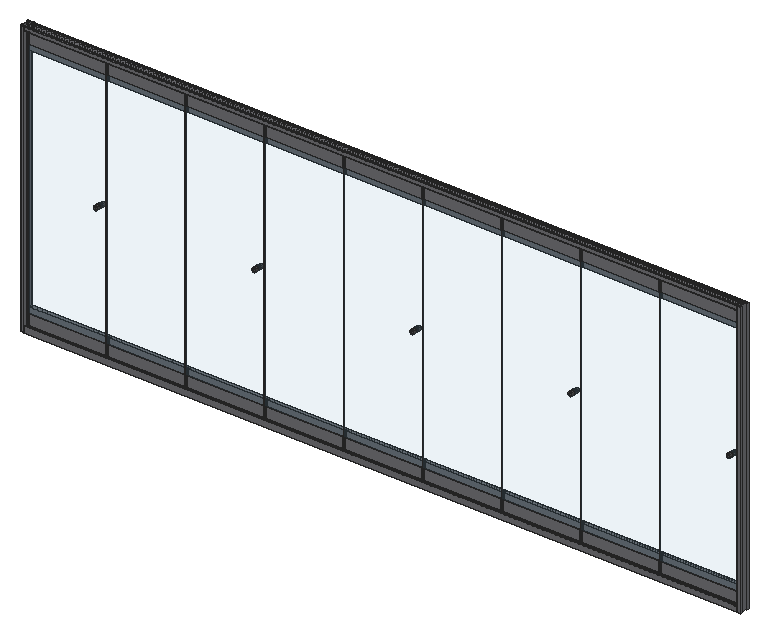
Revit family "QFL9 LH", category Doors, host Wall, Revit 2024
Family settings
  Host = Wall
  OmniClass Number = 23.30.10.00
  OmniClass Title = Doors
  Always vertical = Yes
  Cut with Voids When Loaded = No
  Shared = No
  Room Calculation Point = No
Parameters
  Function = Interior
  Frame Projection Ext. = 25 mm
  Frame Projection Int. = 25 mm
  Frame Width = 75 mm
  Height = 2098 mm
  Wall Closure = By host
  Width = 5511 mm
  Define Thermal Properties by = Schematic Type
  Analytic Construction = "<None>"
Reference planes
  plane 1: y = 0
  plane 2 "Center (Left/Right)": x = 0
  plane 3 "Left": x = -2755.5
  plane 4 "Right": x = 2755.5
  plane 5: z = 2098
  plane 6 "Exterior": y = 75
  plane 7 "Interior": y = -75
Forms (mm)
  Extrusion 1, solid, material "ALUMINIUM CHAR (TEST)"
    sketch origin (-0.37, 0, 0) x (1, 0, 0) y (0, 1, 0)
      loop
        line (2755.87, 37.5) -> (2725.87, 37.5) -> (2725.87, 34.4) -> (2726.87, 34.4) -> (2726.87, 35.9) -> (2728.37, 35.9) -> (2728.37, 28.3) -> (2726.87, 28.3) -> (2726.87, 29.8) -> (2725.87, 29.8) -> (2725.87, 1.2) -> (2726.87, 1.2) -> (2726.87, 2.7) -> (2728.37, 2.7) -> (2728.37, -4.9) -> (2726.87, -4.9) -> (2726.87, -3.4) -> (2725.87, -3.4) -> (2725.87, -13.1) -> (2721.87, -13.1) -> (2721.87, -11)
        arc (2721.87, -11) -> (2721.724, -10.646) -> (2721.37, -10.5) r 0.5
        line (2721.37, -10.5) -> (2718.62, -10.5) -> (2718.62, -11.5) -> (2720.22, -11.5) -> (2720.22, -13.1) -> (2712.52, -13.1) -> (2712.52, -11.5) -> (2714.12, -11.5) -> (2714.12, -10.5) -> (2711.37, -10.5)
        arc (2711.37, -10.5) -> (2711.017, -10.646) -> (2710.87, -11) r 0.5
        line (2710.87, -11) -> (2710.87, -14.4)
        arc (2710.87, -14.4) -> (2711.017, -14.754) -> (2711.37, -14.9) r 0.5
        line (2711.37, -14.9) -> (2725.87, -14.9) -> (2725.87, -37.5) -> (2755.87, -37.5) -> (2755.87, -22) -> (2754.37, -22) -> (2754.37, -24.5) -> (2751.37, -24.5) -> (2751.37, 24.5) -> (2754.37, 24.5) -> (2754.37, 22) -> (2755.87, 22) -> (2755.87, 37.5)
      loop
        line (2753.87, 26.3) -> (2753.87, 35.5) -> (2730.17, 35.5) -> (2730.17, 27.7)
        arc (2730.17, 27.7) -> (2729.877, 26.993) -> (2729.17, 26.7) r 1
        line (2729.17, 26.7) -> (2727.87, 26.7) -> (2727.87, 4.3) -> (2729.17, 4.3)
        arc (2729.17, 4.3) -> (2729.877, 4.007) -> (2730.17, 3.3) r 1
        line (2730.17, 3.3) -> (2730.17, -5.5)
        arc (2730.17, -5.5) -> (2729.877, -6.207) -> (2729.17, -6.5) r 1
        line (2729.17, -6.5) -> (2727.67, -6.5) -> (2727.67, -35.5) -> (2753.87, -35.5) -> (2753.87, -26.3) -> (2750.97, -26.3)
        arc (2750.97, -26.3) -> (2749.98, -25.89) -> (2749.57, -24.9) r 1.4
        line (2749.57, -24.9) -> (2749.57, 24.9)
        arc (2749.57, 24.9) -> (2749.98, 25.89) -> (2750.97, 26.3) r 1.4
        line (2750.97, 26.3) -> (2753.87, 26.3)
      loop
        line (-2755.13, 37.5) -> (-2755.13, 22) -> (-2753.63, 22) -> (-2753.63, 24.5) -> (-2750.63, 24.5) -> (-2750.63, -24.5) -> (-2753.63, -24.5) -> (-2753.63, -22) -> (-2755.13, -22) -> (-2755.13, -37.5) -> (-2725.13, -37.5) -> (-2725.13, -14.9) -> (-2710.63, -14.9)
        arc (-2710.63, -14.9) -> (-2710.276, -14.754) -> (-2710.13, -14.4) r 0.5
        line (-2710.13, -14.4) -> (-2710.13, -11)
        arc (-2710.13, -11) -> (-2710.276, -10.646) -> (-2710.63, -10.5) r 0.5
        line (-2710.63, -10.5) -> (-2713.38, -10.5) -> (-2713.38, -11.5) -> (-2711.78, -11.5) -> (-2711.78, -13.1) -> (-2719.48, -13.1) -> (-2719.48, -11.5) -> (-2717.88, -11.5) -> (-2717.88, -10.5) -> (-2720.63, -10.5)
        arc (-2720.63, -10.5) -> (-2720.983, -10.646) -> (-2721.13, -11) r 0.5
        line (-2721.13, -11) -> (-2721.13, -13.1) -> (-2725.13, -13.1) -> (-2725.13, -3.4) -> (-2726.13, -3.4) -> (-2726.13, -4.9) -> (-2727.63, -4.9) -> (-2727.63, 2.7) -> (-2726.13, 2.7) -> (-2726.13, 1.2) -> (-2725.13, 1.2) -> (-2725.13, 29.8) -> (-2726.13, 29.8) -> (-2726.13, 28.3) -> (-2727.63, 28.3) -> (-2727.63, 35.9) -> (-2726.13, 35.9) -> (-2726.13, 34.4) -> (-2725.13, 34.4) -> (-2725.13, 37.5) -> (-2755.13, 37.5)
      loop
        line (-2753.13, 26.3) -> (-2750.23, 26.3)
        arc (-2750.23, 26.3) -> (-2749.24, 25.89) -> (-2748.83, 24.9) r 1.4
        line (-2748.83, 24.9) -> (-2748.83, -24.9)
        arc (-2748.83, -24.9) -> (-2749.24, -25.89) -> (-2750.23, -26.3) r 1.4
        line (-2750.23, -26.3) -> (-2753.13, -26.3) -> (-2753.13, -35.5) -> (-2726.93, -35.5) -> (-2726.93, -6.5) -> (-2728.43, -6.5)
        arc (-2728.43, -6.5) -> (-2729.137, -6.207) -> (-2729.43, -5.5) r 1
        line (-2729.43, -5.5) -> (-2729.43, 3.3)
        arc (-2729.43, 3.3) -> (-2729.137, 4.007) -> (-2728.43, 4.3) r 1
        line (-2728.43, 4.3) -> (-2727.13, 4.3) -> (-2727.13, 26.7) -> (-2728.43, 26.7)
        arc (-2728.43, 26.7) -> (-2729.137, 26.993) -> (-2729.43, 27.7) r 1
        line (-2729.43, 27.7) -> (-2729.43, 35.5) -> (-2753.13, 35.5) -> (-2753.13, 26.3)
    from 0 to 2098
  Extrusion 2, solid, material "ALUMINIUM CHAR (TEST)"
    sketch origin (-942.37, 0, 0) x (0, -1, 0) y (0, 0, 1)
      loop
        line (-36.55, 18) -> (-36.55, 20.5) -> (-37.5, 20.5) -> (-37.5, 0) -> (-35.5, 0) -> (-35.5, 2) -> (-13.5, 2) -> (-13.5, 0) -> (-11.5, 0) -> (-11.5, 2) -> (10.5, 2) -> (10.5, 0) -> (12.5, 0) -> (12.5, 2) -> (35.5, 2) -> (35.5, 0) -> (37.5, 0) -> (37.5, 44.5)
        arc (37.5, 44.5) -> (37.354, 44.854) -> (37, 45) r 0.5
        line (37, 45) -> (32.199, 45) -> (31.492, 44.5) -> (26.524, 44.5) -> (25.817, 45) -> (22.199, 45) -> (21.492, 44.5) -> (16.524, 44.5) -> (15.817, 44.999) -> (11.001, 44.999)
        arc (11.001, 44.999) -> (10.648, 44.853) -> (10.502, 44.501) r 0.499
        line (10.502, 44.501) -> (10.502, 41.75) -> (11.5, 41.75) -> (11.5, 43.35) -> (13.1, 43.35) -> (13.1, 35.65) -> (11.5, 35.65) -> (11.5, 37.25) -> (10.5, 37.25) -> (10.5, 11.9)
        arc (10.5, 11.9) -> (10.061, 10.839) -> (9, 10.4) r 1.5
        line (9, 10.4) -> (3, 10.4)
        arc (3, 10.4) -> (1.939, 10.839) -> (1.5, 11.9) r 1.5
        line (1.5, 11.9) -> (1.5, 20)
        arc (1.5, 20) -> (0.851, 21.475) -> (-0.674, 21.992) r 2
        line (-0.674, 21.992) -> (-9.95, 20.504) -> (-9.95, 18) -> (-36.55, 18)
      loop
        line (10.5, 4.2) -> (10.5, 8.4) -> (3, 8.4)
        arc (3, 8.4) -> (0.525, 9.425) -> (-0.5, 11.9) r 3.5
        line (-0.5, 11.9) -> (-0.5, 20.057) -> (-7.95, 18.629) -> (-7.95, 16) -> (-35.5, 16) -> (-35.5, 4.2) -> (10.5, 4.2)
      loop
        line (12.5, 4.2) -> (35.5, 4.2) -> (35.5, 43) -> (15.1, 43) -> (15.1, 34) -> (12.5, 34) -> (12.5, 4.2)
      loop
        arc (-37.5, 2069) -> (-37.207, 2068.293) -> (-36.5, 2068) r 1
        line (-36.5, 2068) -> (-34.25, 2068) -> (-34.25, 2069) -> (-35.85, 2069) -> (-35.85, 2070.6) -> (-28.15, 2070.6) -> (-28.15, 2069) -> (-29.75, 2069) -> (-29.75, 2068) -> (-25.9, 2068)
        arc (-25.9, 2068) -> (-24.486, 2068.586) -> (-23.9, 2070) r 2
        line (-23.9, 2070) -> (-23.9, 2091.2)
        arc (-23.9, 2091.2) -> (-23.754, 2091.554) -> (-23.4, 2091.7) r 0.5
        line (-23.4, 2091.7) -> (-6.85, 2091.7) -> (-6.85, 2070)
        arc (-6.85, 2070) -> (-6.264, 2068.586) -> (-4.85, 2068) r 2
        line (-4.85, 2068) -> (13.1, 2068) -> (13.1, 2064) -> (11, 2064)
        arc (11, 2064) -> (10.646, 2063.854) -> (10.5, 2063.5) r 0.5
        line (10.5, 2063.5) -> (10.5, 2060.75) -> (11.5, 2060.75) -> (11.5, 2062.35) -> (13.1, 2062.35) -> (13.1, 2054.65) -> (11.5, 2054.65) -> (11.5, 2056.25) -> (10.5, 2056.25) -> (10.5, 2053.5)
        arc (10.5, 2053.5) -> (10.646, 2053.146) -> (11, 2053) r 0.5
        line (11, 2053) -> (14.4, 2053)
        arc (14.4, 2053) -> (14.754, 2053.146) -> (14.9, 2053.5) r 0.5
        line (14.9, 2053.5) -> (14.9, 2068) -> (36.5, 2068)
        arc (36.5, 2068) -> (37.207, 2068.293) -> (37.5, 2069) r 1
        line (37.5, 2069) -> (37.5, 2098) -> (22, 2098) -> (22, 2096.5) -> (24.5, 2096.5) -> (24.5, 2093.5) -> (-24.5, 2093.5) -> (-24.5, 2096.5) -> (-22, 2096.5) -> (-22, 2098) -> (-25.4, 2098)
        arc (-25.4, 2098) -> (-26.107, 2097.707) -> (-26.4, 2097) r 1
        line (-26.4, 2097) -> (-26.4, 2085.5)
        arc (-26.4, 2085.5) -> (-26.546, 2085.146) -> (-26.9, 2085) r 0.5
        line (-26.9, 2085) -> (-35, 2085)
        arc (-35, 2085) -> (-35.354, 2085.146) -> (-35.5, 2085.5) r 0.5
        line (-35.5, 2085.5) -> (-35.5, 2095.5)
        arc (-35.5, 2095.5) -> (-35.354, 2095.854) -> (-35, 2096) r 0.5
        line (-35, 2096) -> (-33.5, 2096) -> (-33.5, 2098) -> (-36.5, 2098)
        arc (-36.5, 2098) -> (-37.207, 2097.707) -> (-37.5, 2097) r 1
        line (-37.5, 2097) -> (-37.5, 2069)
      loop
        line (35.5, 2070) -> (35.5, 2096) -> (26.3, 2096) -> (26.3, 2093.1)
        arc (26.3, 2093.1) -> (25.89, 2092.11) -> (24.9, 2091.7) r 1.4
        line (24.9, 2091.7) -> (-4.85, 2091.7) -> (-4.85, 2070.5)
        arc (-4.85, 2070.5) -> (-4.704, 2070.146) -> (-4.35, 2070) r 0.5
        line (-4.35, 2070) -> (35.5, 2070)
      loop
        line (-26.4, 2072.2) -> (-26.4, 2082.5)
        arc (-26.4, 2082.5) -> (-26.546, 2082.854) -> (-26.9, 2083) r 0.5
        line (-26.9, 2083) -> (-35, 2083)
        arc (-35, 2083) -> (-35.354, 2082.854) -> (-35.5, 2082.5) r 0.5
        line (-35.5, 2082.5) -> (-35.5, 2072.2) -> (-26.4, 2072.2)
    from -3667.87 to 1783.13
  Extrusion 3, solid, material "ALUMINIUM CHAR (TEST)"
    sketch origin (2714, 0, 0) x (0, -1, 0) y (0, 0, 1)
      loop
        line (10.504, 2059) -> (8.704, 2059) -> (8.704, 2057) -> (5.604, 2057) -> (5.604, 2055.4) -> (8.754, 2055.4) -> (8.754, 2043.033) -> (8.2, 2041.985) -> (8.2, 2039) -> (-31.196, 2039) -> (-31.196, 2041.92) -> (-31.705, 2042.883) -> (-31.705, 2055.4) -> (-28.596, 2055.4) -> (-28.596, 2057) -> (-31.696, 2057) -> (-31.696, 2059) -> (-33.496, 2059) -> (-33.496, 1934) -> (-23.496, 1924) -> (2.504, 1924) -> (2.504, 1969) -> (10.504, 1969) -> (10.504, 2059)
      loop
        line (8.714, 1971) -> (8.714, 2037.2) -> (-31.705, 2037.2) -> (-31.705, 1935.038) -> (-22.467, 1925.8) -> (0.504, 1925.8) -> (0.504, 1971) -> (8.714, 1971)
      loop
        line (10.504, 31) -> (10.504, 121) -> (2.504, 121) -> (2.504, 166) -> (-23.496, 166) -> (-33.496, 156) -> (-33.496, 31) -> (-31.696, 31) -> (-31.696, 33) -> (-28.596, 33) -> (-28.596, 34.6) -> (-31.705, 34.6) -> (-31.705, 47.117) -> (-31.196, 48.08) -> (-31.196, 51) -> (8.2, 51) -> (8.2, 48.015) -> (8.754, 46.967) -> (8.754, 34.6) -> (5.604, 34.6) -> (5.604, 33) -> (8.704, 33) -> (8.704, 31) -> (10.504, 31)
      loop
        line (8.714, 119) -> (0.504, 119) -> (0.504, 164.2) -> (-22.467, 164.2) -> (-31.705, 154.962) -> (-31.705, 52.8) -> (8.714, 52.8) -> (8.714, 119)
    from -1 to 589
  Extrusion 4, solid, material "Glass"
    sketch origin (2080, 0, 0) x (0, -1, 0) y (0, 0, 1)
      loop
        line (2.504, 121) -> (10.504, 121) -> (10.504, 1969) -> (2.504, 1969) -> (2.504, 121)
    from -640 to -40
  Extrusion 5, solid, material "ALUMINIUM CHAR (TEST)"
    sketch origin (2715, 0, 0) x (0, -1, 0) y (0, 0, -1)
      loop
        line (-33.496, -156) -> (-23.496, -166) -> (2.504, -166) -> (2.504, -121) -> (10.504, -121) -> (10.504, -31) -> (5.604, -31) -> (5.604, -51) -> (-28.596, -51) -> (-28.596, -31) -> (-33.496, -31) -> (-33.496, -156)
      loop
        line (-33.496, -2059) -> (-28.596, -2059) -> (-28.596, -2039) -> (5.604, -2039) -> (5.604, -2059) -> (10.504, -2059) -> (10.504, -1969) -> (2.504, -1969) -> (2.504, -1924) -> (-23.496, -1924) -> (-33.496, -1934) -> (-33.496, -2059)
    from 0 to 5
  Extrusion 6, solid, material "ALUMINIUM CHAR (TEST)"
    sketch origin (2125, 0, 0) x (0, -1, 0) y (0, 0, 1)
      loop
        line (-33.496, 156) -> (-33.496, 31) -> (-28.596, 31) -> (-28.596, 51) -> (5.604, 51) -> (5.604, 31) -> (10.504, 31) -> (10.504, 121) -> (2.504, 121) -> (2.504, 166) -> (-23.496, 166) -> (-33.496, 156)
      loop
        line (-33.496, 2059) -> (-33.496, 1934) -> (-23.496, 1924) -> (2.504, 1924) -> (2.504, 1969) -> (10.504, 1969) -> (10.504, 2059) -> (5.604, 2059) -> (5.604, 2039) -> (-28.596, 2039) -> (-28.596, 2059) -> (-33.496, 2059)
    from 0 to 5
  Extrusion 7, solid, material "ALUMINIUM CHAR (TEST)"
    sketch origin (2109, 0, 0) x (0, -1, 0) y (0, 0, 1)
      loop
        line (10.504, 2059) -> (8.704, 2059) -> (8.704, 2057) -> (5.604, 2057) -> (5.604, 2055.4) -> (8.754, 2055.4) -> (8.754, 2043.033) -> (8.2, 2041.985) -> (8.2, 2039) -> (-31.196, 2039) -> (-31.196, 2041.92) -> (-31.705, 2042.883) -> (-31.705, 2055.4) -> (-28.596, 2055.4) -> (-28.596, 2057) -> (-31.696, 2057) -> (-31.696, 2059) -> (-33.496, 2059) -> (-33.496, 1934) -> (-23.496, 1924) -> (2.504, 1924) -> (2.504, 1969) -> (10.504, 1969) -> (10.504, 2059)
      loop
        line (8.714, 1971) -> (8.714, 2037.2) -> (-31.705, 2037.2) -> (-31.705, 1935.038) -> (-22.467, 1925.8) -> (0.504, 1925.8) -> (0.504, 1971) -> (8.714, 1971)
      loop
        line (10.504, 31) -> (10.504, 121) -> (2.504, 121) -> (2.504, 166) -> (-23.496, 166) -> (-33.496, 156) -> (-33.496, 31) -> (-31.696, 31) -> (-31.696, 33) -> (-28.596, 33) -> (-28.596, 34.6) -> (-31.705, 34.6) -> (-31.705, 47.117) -> (-31.196, 48.08) -> (-31.196, 51) -> (8.2, 51) -> (8.2, 48.015) -> (8.754, 46.967) -> (8.754, 34.6) -> (5.604, 34.6) -> (5.604, 33) -> (8.704, 33) -> (8.704, 31) -> (10.504, 31)
      loop
        line (8.714, 119) -> (0.504, 119) -> (0.504, 164.2) -> (-22.467, 164.2) -> (-31.705, 154.962) -> (-31.705, 52.8) -> (8.714, 52.8) -> (8.714, 119)
    from -1 to 589
  Extrusion 8, solid, material "Glass"
    sketch origin (1475, 0, 0) x (0, -1, 0) y (0, 0, 1)
      loop
        line (2.504, 121) -> (10.504, 121) -> (10.504, 1969) -> (2.504, 1969) -> (2.504, 121)
    from -640 to -40
  Extrusion 9, solid, material "ALUMINIUM CHAR (TEST)"
    sketch origin (2110, 0, 0) x (0, -1, 0) y (0, 0, -1)
      loop
        line (-33.496, -156) -> (-23.496, -166) -> (2.504, -166) -> (2.504, -121) -> (10.504, -121) -> (10.504, -31) -> (5.604, -31) -> (5.604, -51) -> (-28.596, -51) -> (-28.596, -31) -> (-33.496, -31) -> (-33.496, -156)
      loop
        line (-33.496, -2059) -> (-28.596, -2059) -> (-28.596, -2039) -> (5.604, -2039) -> (5.604, -2059) -> (10.504, -2059) -> (10.504, -1969) -> (2.504, -1969) -> (2.504, -1924) -> (-23.496, -1924) -> (-33.496, -1934) -> (-33.496, -2059)
    from 0 to 5
  Extrusion 10, solid, material "ALUMINIUM CHAR (TEST)"
    sketch origin (1520, 0, 0) x (0, -1, 0) y (0, 0, 1)
      loop
        line (-33.496, 156) -> (-33.496, 31) -> (-28.596, 31) -> (-28.596, 51) -> (5.604, 51) -> (5.604, 31) -> (10.504, 31) -> (10.504, 121) -> (2.504, 121) -> (2.504, 166) -> (-23.496, 166) -> (-33.496, 156)
      loop
        line (-33.496, 2059) -> (-33.496, 1934) -> (-23.496, 1924) -> (2.504, 1924) -> (2.504, 1969) -> (10.504, 1969) -> (10.504, 2059) -> (5.604, 2059) -> (5.604, 2039) -> (-28.596, 2039) -> (-28.596, 2059) -> (-33.496, 2059)
    from 0 to 5
  Extrusion 11, solid, material "ALUMINIUM CHAR (TEST)"
    sketch origin (1504, 0, 0) x (0, -1, 0) y (0, 0, 1)
      loop
        line (10.504, 2059) -> (8.704, 2059) -> (8.704, 2057) -> (5.604, 2057) -> (5.604, 2055.4) -> (8.754, 2055.4) -> (8.754, 2043.033) -> (8.2, 2041.985) -> (8.2, 2039) -> (-31.196, 2039) -> (-31.196, 2041.92) -> (-31.705, 2042.883) -> (-31.705, 2055.4) -> (-28.596, 2055.4) -> (-28.596, 2057) -> (-31.696, 2057) -> (-31.696, 2059) -> (-33.496, 2059) -> (-33.496, 1934) -> (-23.496, 1924) -> (2.504, 1924) -> (2.504, 1969) -> (10.504, 1969) -> (10.504, 2059)
      loop
        line (8.714, 1971) -> (8.714, 2037.2) -> (-31.705, 2037.2) -> (-31.705, 1935.038) -> (-22.467, 1925.8) -> (0.504, 1925.8) -> (0.504, 1971) -> (8.714, 1971)
      loop
        line (10.504, 31) -> (10.504, 121) -> (2.504, 121) -> (2.504, 166) -> (-23.496, 166) -> (-33.496, 156) -> (-33.496, 31) -> (-31.696, 31) -> (-31.696, 33) -> (-28.596, 33) -> (-28.596, 34.6) -> (-31.705, 34.6) -> (-31.705, 47.117) -> (-31.196, 48.08) -> (-31.196, 51) -> (8.2, 51) -> (8.2, 48.015) -> (8.754, 46.967) -> (8.754, 34.6) -> (5.604, 34.6) -> (5.604, 33) -> (8.704, 33) -> (8.704, 31) -> (10.504, 31)
      loop
        line (8.714, 119) -> (0.504, 119) -> (0.504, 164.2) -> (-22.467, 164.2) -> (-31.705, 154.962) -> (-31.705, 52.8) -> (8.714, 52.8) -> (8.714, 119)
    from -1 to 589
  Extrusion 12, solid, material "Glass"
    sketch origin (870, 0, 0) x (0, -1, 0) y (0, 0, 1)
      loop
        line (2.504, 121) -> (10.504, 121) -> (10.504, 1969) -> (2.504, 1969) -> (2.504, 121)
    from -640 to -40
  Extrusion 13, solid, material "ALUMINIUM CHAR (TEST)"
    sketch origin (1505, 0, 0) x (0, -1, 0) y (0, 0, -1)
      loop
        line (-33.496, -156) -> (-23.496, -166) -> (2.504, -166) -> (2.504, -121) -> (10.504, -121) -> (10.504, -31) -> (5.604, -31) -> (5.604, -51) -> (-28.596, -51) -> (-28.596, -31) -> (-33.496, -31) -> (-33.496, -156)
      loop
        line (-33.496, -2059) -> (-28.596, -2059) -> (-28.596, -2039) -> (5.604, -2039) -> (5.604, -2059) -> (10.504, -2059) -> (10.504, -1969) -> (2.504, -1969) -> (2.504, -1924) -> (-23.496, -1924) -> (-33.496, -1934) -> (-33.496, -2059)
    from 0 to 5
  Extrusion 14, solid, material "ALUMINIUM CHAR (TEST)"
    sketch origin (915, 0, 0) x (0, -1, 0) y (0, 0, 1)
      loop
        line (-33.496, 156) -> (-33.496, 31) -> (-28.596, 31) -> (-28.596, 51) -> (5.604, 51) -> (5.604, 31) -> (10.504, 31) -> (10.504, 121) -> (2.504, 121) -> (2.504, 166) -> (-23.496, 166) -> (-33.496, 156)
      loop
        line (-33.496, 2059) -> (-33.496, 1934) -> (-23.496, 1924) -> (2.504, 1924) -> (2.504, 1969) -> (10.504, 1969) -> (10.504, 2059) -> (5.604, 2059) -> (5.604, 2039) -> (-28.596, 2039) -> (-28.596, 2059) -> (-33.496, 2059)
    from 0 to 5
  Extrusion 15, solid, material "ALUMINIUM CHAR (TEST)"
    sketch origin (899, 0, 0) x (0, -1, 0) y (0, 0, 1)
      loop
        line (10.504, 2059) -> (8.704, 2059) -> (8.704, 2057) -> (5.604, 2057) -> (5.604, 2055.4) -> (8.754, 2055.4) -> (8.754, 2043.033) -> (8.2, 2041.985) -> (8.2, 2039) -> (-31.196, 2039) -> (-31.196, 2041.92) -> (-31.705, 2042.883) -> (-31.705, 2055.4) -> (-28.596, 2055.4) -> (-28.596, 2057) -> (-31.696, 2057) -> (-31.696, 2059) -> (-33.496, 2059) -> (-33.496, 1934) -> (-23.496, 1924) -> (2.504, 1924) -> (2.504, 1969) -> (10.504, 1969) -> (10.504, 2059)
      loop
        line (8.714, 1971) -> (8.714, 2037.2) -> (-31.705, 2037.2) -> (-31.705, 1935.038) -> (-22.467, 1925.8) -> (0.504, 1925.8) -> (0.504, 1971) -> (8.714, 1971)
      loop
        line (10.504, 31) -> (10.504, 121) -> (2.504, 121) -> (2.504, 166) -> (-23.496, 166) -> (-33.496, 156) -> (-33.496, 31) -> (-31.696, 31) -> (-31.696, 33) -> (-28.596, 33) -> (-28.596, 34.6) -> (-31.705, 34.6) -> (-31.705, 47.117) -> (-31.196, 48.08) -> (-31.196, 51) -> (8.2, 51) -> (8.2, 48.015) -> (8.754, 46.967) -> (8.754, 34.6) -> (5.604, 34.6) -> (5.604, 33) -> (8.704, 33) -> (8.704, 31) -> (10.504, 31)
      loop
        line (8.714, 119) -> (0.504, 119) -> (0.504, 164.2) -> (-22.467, 164.2) -> (-31.705, 154.962) -> (-31.705, 52.8) -> (8.714, 52.8) -> (8.714, 119)
    from -1 to 589
  Extrusion 16, solid, material "Glass"
    sketch origin (265, 0, 0) x (0, -1, 0) y (0, 0, 1)
      loop
        line (2.504, 121) -> (10.504, 121) -> (10.504, 1969) -> (2.504, 1969) -> (2.504, 121)
    from -640 to -40
  Extrusion 17, solid, material "ALUMINIUM CHAR (TEST)"
    sketch origin (900, 0, 0) x (0, -1, 0) y (0, 0, -1)
      loop
        line (-33.496, -156) -> (-23.496, -166) -> (2.504, -166) -> (2.504, -121) -> (10.504, -121) -> (10.504, -31) -> (5.604, -31) -> (5.604, -51) -> (-28.596, -51) -> (-28.596, -31) -> (-33.496, -31) -> (-33.496, -156)
      loop
        line (-33.496, -2059) -> (-28.596, -2059) -> (-28.596, -2039) -> (5.604, -2039) -> (5.604, -2059) -> (10.504, -2059) -> (10.504, -1969) -> (2.504, -1969) -> (2.504, -1924) -> (-23.496, -1924) -> (-33.496, -1934) -> (-33.496, -2059)
    from 0 to 5
  Extrusion 18, solid, material "ALUMINIUM CHAR (TEST)"
    sketch origin (310, 0, 0) x (0, -1, 0) y (0, 0, 1)
      loop
        line (-33.496, 156) -> (-33.496, 31) -> (-28.596, 31) -> (-28.596, 51) -> (5.604, 51) -> (5.604, 31) -> (10.504, 31) -> (10.504, 121) -> (2.504, 121) -> (2.504, 166) -> (-23.496, 166) -> (-33.496, 156)
      loop
        line (-33.496, 2059) -> (-33.496, 1934) -> (-23.496, 1924) -> (2.504, 1924) -> (2.504, 1969) -> (10.504, 1969) -> (10.504, 2059) -> (5.604, 2059) -> (5.604, 2039) -> (-28.596, 2039) -> (-28.596, 2059) -> (-33.496, 2059)
    from 0 to 5
  Extrusion 19, solid, material "ALUMINIUM CHAR (TEST)"
    sketch origin (294, 0, 0) x (0, -1, 0) y (0, 0, 1)
      loop
        line (10.504, 2059) -> (8.704, 2059) -> (8.704, 2057) -> (5.604, 2057) -> (5.604, 2055.4) -> (8.754, 2055.4) -> (8.754, 2043.033) -> (8.2, 2041.985) -> (8.2, 2039) -> (-31.196, 2039) -> (-31.196, 2041.92) -> (-31.705, 2042.883) -> (-31.705, 2055.4) -> (-28.596, 2055.4) -> (-28.596, 2057) -> (-31.696, 2057) -> (-31.696, 2059) -> (-33.496, 2059) -> (-33.496, 1934) -> (-23.496, 1924) -> (2.504, 1924) -> (2.504, 1969) -> (10.504, 1969) -> (10.504, 2059)
      loop
        line (8.714, 1971) -> (8.714, 2037.2) -> (-31.705, 2037.2) -> (-31.705, 1935.038) -> (-22.467, 1925.8) -> (0.504, 1925.8) -> (0.504, 1971) -> (8.714, 1971)
      loop
        line (10.504, 31) -> (10.504, 121) -> (2.504, 121) -> (2.504, 166) -> (-23.496, 166) -> (-33.496, 156) -> (-33.496, 31) -> (-31.696, 31) -> (-31.696, 33) -> (-28.596, 33) -> (-28.596, 34.6) -> (-31.705, 34.6) -> (-31.705, 47.117) -> (-31.196, 48.08) -> (-31.196, 51) -> (8.2, 51) -> (8.2, 48.015) -> (8.754, 46.967) -> (8.754, 34.6) -> (5.604, 34.6) -> (5.604, 33) -> (8.704, 33) -> (8.704, 31) -> (10.504, 31)
      loop
        line (8.714, 119) -> (0.504, 119) -> (0.504, 164.2) -> (-22.467, 164.2) -> (-31.705, 154.962) -> (-31.705, 52.8) -> (8.714, 52.8) -> (8.714, 119)
    from -1 to 589
  Extrusion 20, solid, material "Glass"
    sketch origin (-340, 0, 0) x (0, -1, 0) y (0, 0, 1)
      loop
        line (2.504, 121) -> (10.504, 121) -> (10.504, 1969) -> (2.504, 1969) -> (2.504, 121)
    from -640 to -40
  Extrusion 21, solid, material "ALUMINIUM CHAR (TEST)"
    sketch origin (295, 0, 0) x (0, -1, 0) y (0, 0, -1)
      loop
        line (-33.496, -156) -> (-23.496, -166) -> (2.504, -166) -> (2.504, -121) -> (10.504, -121) -> (10.504, -31) -> (5.604, -31) -> (5.604, -51) -> (-28.596, -51) -> (-28.596, -31) -> (-33.496, -31) -> (-33.496, -156)
      loop
        line (-33.496, -2059) -> (-28.596, -2059) -> (-28.596, -2039) -> (5.604, -2039) -> (5.604, -2059) -> (10.504, -2059) -> (10.504, -1969) -> (2.504, -1969) -> (2.504, -1924) -> (-23.496, -1924) -> (-33.496, -1934) -> (-33.496, -2059)
    from 0 to 5
  Extrusion 22, solid, material "ALUMINIUM CHAR (TEST)"
    sketch origin (-295, 0, 0) x (0, -1, 0) y (0, 0, 1)
      loop
        line (-33.496, 156) -> (-33.496, 31) -> (-28.596, 31) -> (-28.596, 51) -> (5.604, 51) -> (5.604, 31) -> (10.504, 31) -> (10.504, 121) -> (2.504, 121) -> (2.504, 166) -> (-23.496, 166) -> (-33.496, 156)
      loop
        line (-33.496, 2059) -> (-33.496, 1934) -> (-23.496, 1924) -> (2.504, 1924) -> (2.504, 1969) -> (10.504, 1969) -> (10.504, 2059) -> (5.604, 2059) -> (5.604, 2039) -> (-28.596, 2039) -> (-28.596, 2059) -> (-33.496, 2059)
    from 0 to 5
  Extrusion 23, solid, material "ALUMINIUM CHAR (TEST)"
    sketch origin (-311, 0, 0) x (0, -1, 0) y (0, 0, 1)
      loop
        line (10.504, 2059) -> (8.704, 2059) -> (8.704, 2057) -> (5.604, 2057) -> (5.604, 2055.4) -> (8.754, 2055.4) -> (8.754, 2043.033) -> (8.2, 2041.985) -> (8.2, 2039) -> (-31.196, 2039) -> (-31.196, 2041.92) -> (-31.705, 2042.883) -> (-31.705, 2055.4) -> (-28.596, 2055.4) -> (-28.596, 2057) -> (-31.696, 2057) -> (-31.696, 2059) -> (-33.496, 2059) -> (-33.496, 1934) -> (-23.496, 1924) -> (2.504, 1924) -> (2.504, 1969) -> (10.504, 1969) -> (10.504, 2059)
      loop
        line (8.714, 1971) -> (8.714, 2037.2) -> (-31.705, 2037.2) -> (-31.705, 1935.038) -> (-22.467, 1925.8) -> (0.504, 1925.8) -> (0.504, 1971) -> (8.714, 1971)
      loop
        line (10.504, 31) -> (10.504, 121) -> (2.504, 121) -> (2.504, 166) -> (-23.496, 166) -> (-33.496, 156) -> (-33.496, 31) -> (-31.696, 31) -> (-31.696, 33) -> (-28.596, 33) -> (-28.596, 34.6) -> (-31.705, 34.6) -> (-31.705, 47.117) -> (-31.196, 48.08) -> (-31.196, 51) -> (8.2, 51) -> (8.2, 48.015) -> (8.754, 46.967) -> (8.754, 34.6) -> (5.604, 34.6) -> (5.604, 33) -> (8.704, 33) -> (8.704, 31) -> (10.504, 31)
      loop
        line (8.714, 119) -> (0.504, 119) -> (0.504, 164.2) -> (-22.467, 164.2) -> (-31.705, 154.962) -> (-31.705, 52.8) -> (8.714, 52.8) -> (8.714, 119)
    from -1 to 589
  Extrusion 24, solid, material "Glass"
    sketch origin (-945, 0, 0) x (0, -1, 0) y (0, 0, 1)
      loop
        line (2.504, 121) -> (10.504, 121) -> (10.504, 1969) -> (2.504, 1969) -> (2.504, 121)
    from -640 to -40
  Extrusion 25, solid, material "ALUMINIUM CHAR (TEST)"
    sketch origin (-310, 0, 0) x (0, -1, 0) y (0, 0, -1)
      loop
        line (-33.496, -156) -> (-23.496, -166) -> (2.504, -166) -> (2.504, -121) -> (10.504, -121) -> (10.504, -31) -> (5.604, -31) -> (5.604, -51) -> (-28.596, -51) -> (-28.596, -31) -> (-33.496, -31) -> (-33.496, -156)
      loop
        line (-33.496, -2059) -> (-28.596, -2059) -> (-28.596, -2039) -> (5.604, -2039) -> (5.604, -2059) -> (10.504, -2059) -> (10.504, -1969) -> (2.504, -1969) -> (2.504, -1924) -> (-23.496, -1924) -> (-33.496, -1934) -> (-33.496, -2059)
    from 0 to 5
  Extrusion 26, solid, material "ALUMINIUM CHAR (TEST)"
    sketch origin (-900, 0, 0) x (0, -1, 0) y (0, 0, 1)
      loop
        line (-33.496, 156) -> (-33.496, 31) -> (-28.596, 31) -> (-28.596, 51) -> (5.604, 51) -> (5.604, 31) -> (10.504, 31) -> (10.504, 121) -> (2.504, 121) -> (2.504, 166) -> (-23.496, 166) -> (-33.496, 156)
      loop
        line (-33.496, 2059) -> (-33.496, 1934) -> (-23.496, 1924) -> (2.504, 1924) -> (2.504, 1969) -> (10.504, 1969) -> (10.504, 2059) -> (5.604, 2059) -> (5.604, 2039) -> (-28.596, 2039) -> (-28.596, 2059) -> (-33.496, 2059)
    from 0 to 5
  Extrusion 27, solid, material "ALUMINIUM CHAR (TEST)"
    sketch origin (-916, 0, 0) x (0, -1, 0) y (0, 0, 1)
      loop
        line (10.504, 2059) -> (8.704, 2059) -> (8.704, 2057) -> (5.604, 2057) -> (5.604, 2055.4) -> (8.754, 2055.4) -> (8.754, 2043.033) -> (8.2, 2041.985) -> (8.2, 2039) -> (-31.196, 2039) -> (-31.196, 2041.92) -> (-31.705, 2042.883) -> (-31.705, 2055.4) -> (-28.596, 2055.4) -> (-28.596, 2057) -> (-31.696, 2057) -> (-31.696, 2059) -> (-33.496, 2059) -> (-33.496, 1934) -> (-23.496, 1924) -> (2.504, 1924) -> (2.504, 1969) -> (10.504, 1969) -> (10.504, 2059)
      loop
        line (8.714, 1971) -> (8.714, 2037.2) -> (-31.705, 2037.2) -> (-31.705, 1935.038) -> (-22.467, 1925.8) -> (0.504, 1925.8) -> (0.504, 1971) -> (8.714, 1971)
      loop
        line (10.504, 31) -> (10.504, 121) -> (2.504, 121) -> (2.504, 166) -> (-23.496, 166) -> (-33.496, 156) -> (-33.496, 31) -> (-31.696, 31) -> (-31.696, 33) -> (-28.596, 33) -> (-28.596, 34.6) -> (-31.705, 34.6) -> (-31.705, 47.117) -> (-31.196, 48.08) -> (-31.196, 51) -> (8.2, 51) -> (8.2, 48.015) -> (8.754, 46.967) -> (8.754, 34.6) -> (5.604, 34.6) -> (5.604, 33) -> (8.704, 33) -> (8.704, 31) -> (10.504, 31)
      loop
        line (8.714, 119) -> (0.504, 119) -> (0.504, 164.2) -> (-22.467, 164.2) -> (-31.705, 154.962) -> (-31.705, 52.8) -> (8.714, 52.8) -> (8.714, 119)
    from -1 to 589
  Extrusion 28, solid, material "Glass"
    sketch origin (-1550, 0, 0) x (0, -1, 0) y (0, 0, 1)
      loop
        line (2.504, 121) -> (10.504, 121) -> (10.504, 1969) -> (2.504, 1969) -> (2.504, 121)
    from -640 to -40
  Extrusion 29, solid, material "ALUMINIUM CHAR (TEST)"
    sketch origin (-915, 0, 0) x (0, -1, 0) y (0, 0, -1)
      loop
        line (-33.496, -156) -> (-23.496, -166) -> (2.504, -166) -> (2.504, -121) -> (10.504, -121) -> (10.504, -31) -> (5.604, -31) -> (5.604, -51) -> (-28.596, -51) -> (-28.596, -31) -> (-33.496, -31) -> (-33.496, -156)
      loop
        line (-33.496, -2059) -> (-28.596, -2059) -> (-28.596, -2039) -> (5.604, -2039) -> (5.604, -2059) -> (10.504, -2059) -> (10.504, -1969) -> (2.504, -1969) -> (2.504, -1924) -> (-23.496, -1924) -> (-33.496, -1934) -> (-33.496, -2059)
    from 0 to 5
  Extrusion 30, solid, material "ALUMINIUM CHAR (TEST)"
    sketch origin (-1505, 0, 0) x (0, -1, 0) y (0, 0, 1)
      loop
        line (-33.496, 156) -> (-33.496, 31) -> (-28.596, 31) -> (-28.596, 51) -> (5.604, 51) -> (5.604, 31) -> (10.504, 31) -> (10.504, 121) -> (2.504, 121) -> (2.504, 166) -> (-23.496, 166) -> (-33.496, 156)
      loop
        line (-33.496, 2059) -> (-33.496, 1934) -> (-23.496, 1924) -> (2.504, 1924) -> (2.504, 1969) -> (10.504, 1969) -> (10.504, 2059) -> (5.604, 2059) -> (5.604, 2039) -> (-28.596, 2039) -> (-28.596, 2059) -> (-33.496, 2059)
    from 0 to 5
  Extrusion 31, solid, material "ALUMINIUM CHAR (TEST)"
    sketch origin (-1521, 0, 0) x (0, -1, 0) y (0, 0, 1)
      loop
        line (10.504, 2059) -> (8.704, 2059) -> (8.704, 2057) -> (5.604, 2057) -> (5.604, 2055.4) -> (8.754, 2055.4) -> (8.754, 2043.033) -> (8.2, 2041.985) -> (8.2, 2039) -> (-31.196, 2039) -> (-31.196, 2041.92) -> (-31.705, 2042.883) -> (-31.705, 2055.4) -> (-28.596, 2055.4) -> (-28.596, 2057) -> (-31.696, 2057) -> (-31.696, 2059) -> (-33.496, 2059) -> (-33.496, 1934) -> (-23.496, 1924) -> (2.504, 1924) -> (2.504, 1969) -> (10.504, 1969) -> (10.504, 2059)
      loop
        line (8.714, 1971) -> (8.714, 2037.2) -> (-31.705, 2037.2) -> (-31.705, 1935.038) -> (-22.467, 1925.8) -> (0.504, 1925.8) -> (0.504, 1971) -> (8.714, 1971)
      loop
        line (10.504, 31) -> (10.504, 121) -> (2.504, 121) -> (2.504, 166) -> (-23.496, 166) -> (-33.496, 156) -> (-33.496, 31) -> (-31.696, 31) -> (-31.696, 33) -> (-28.596, 33) -> (-28.596, 34.6) -> (-31.705, 34.6) -> (-31.705, 47.117) -> (-31.196, 48.08) -> (-31.196, 51) -> (8.2, 51) -> (8.2, 48.015) -> (8.754, 46.967) -> (8.754, 34.6) -> (5.604, 34.6) -> (5.604, 33) -> (8.704, 33) -> (8.704, 31) -> (10.504, 31)
      loop
        line (8.714, 119) -> (0.504, 119) -> (0.504, 164.2) -> (-22.467, 164.2) -> (-31.705, 154.962) -> (-31.705, 52.8) -> (8.714, 52.8) -> (8.714, 119)
    from -1 to 589
  Extrusion 32, solid, material "Glass"
    sketch origin (-2155, 0, 0) x (0, -1, 0) y (0, 0, 1)
      loop
        line (2.504, 121) -> (10.504, 121) -> (10.504, 1969) -> (2.504, 1969) -> (2.504, 121)
    from -640 to -40
  Extrusion 33, solid, material "ALUMINIUM CHAR (TEST)"
    sketch origin (-1520, 0, 0) x (0, -1, 0) y (0, 0, -1)
      loop
        line (-33.496, -156) -> (-23.496, -166) -> (2.504, -166) -> (2.504, -121) -> (10.504, -121) -> (10.504, -31) -> (5.604, -31) -> (5.604, -51) -> (-28.596, -51) -> (-28.596, -31) -> (-33.496, -31) -> (-33.496, -156)
      loop
        line (-33.496, -2059) -> (-28.596, -2059) -> (-28.596, -2039) -> (5.604, -2039) -> (5.604, -2059) -> (10.504, -2059) -> (10.504, -1969) -> (2.504, -1969) -> (2.504, -1924) -> (-23.496, -1924) -> (-33.496, -1934) -> (-33.496, -2059)
    from 0 to 5
  Extrusion 34, solid, material "ALUMINIUM CHAR (TEST)"
    sketch origin (-2110, 0, 0) x (0, -1, 0) y (0, 0, 1)
      loop
        line (-33.496, 156) -> (-33.496, 31) -> (-28.596, 31) -> (-28.596, 51) -> (5.604, 51) -> (5.604, 31) -> (10.504, 31) -> (10.504, 121) -> (2.504, 121) -> (2.504, 166) -> (-23.496, 166) -> (-33.496, 156)
      loop
        line (-33.496, 2059) -> (-33.496, 1934) -> (-23.496, 1924) -> (2.504, 1924) -> (2.504, 1969) -> (10.504, 1969) -> (10.504, 2059) -> (5.604, 2059) -> (5.604, 2039) -> (-28.596, 2039) -> (-28.596, 2059) -> (-33.496, 2059)
    from 0 to 5
  Extrusion 35, solid, material "ALUMINIUM CHAR (TEST)"
    sketch origin (-2126, 0, 0) x (0, -1, 0) y (0, 0, 1)
      loop
        line (10.504, 2059) -> (8.704, 2059) -> (8.704, 2057) -> (5.604, 2057) -> (5.604, 2055.4) -> (8.754, 2055.4) -> (8.754, 2043.033) -> (8.2, 2041.985) -> (8.2, 2039) -> (-31.196, 2039) -> (-31.196, 2041.92) -> (-31.705, 2042.883) -> (-31.705, 2055.4) -> (-28.596, 2055.4) -> (-28.596, 2057) -> (-31.696, 2057) -> (-31.696, 2059) -> (-33.496, 2059) -> (-33.496, 1934) -> (-23.496, 1924) -> (2.504, 1924) -> (2.504, 1969) -> (10.504, 1969) -> (10.504, 2059)
      loop
        line (8.714, 1971) -> (8.714, 2037.2) -> (-31.705, 2037.2) -> (-31.705, 1935.038) -> (-22.467, 1925.8) -> (0.504, 1925.8) -> (0.504, 1971) -> (8.714, 1971)
      loop
        line (10.504, 31) -> (10.504, 121) -> (2.504, 121) -> (2.504, 166) -> (-23.496, 166) -> (-33.496, 156) -> (-33.496, 31) -> (-31.696, 31) -> (-31.696, 33) -> (-28.596, 33) -> (-28.596, 34.6) -> (-31.705, 34.6) -> (-31.705, 47.117) -> (-31.196, 48.08) -> (-31.196, 51) -> (8.2, 51) -> (8.2, 48.015) -> (8.754, 46.967) -> (8.754, 34.6) -> (5.604, 34.6) -> (5.604, 33) -> (8.704, 33) -> (8.704, 31) -> (10.504, 31)
      loop
        line (8.714, 119) -> (0.504, 119) -> (0.504, 164.2) -> (-22.467, 164.2) -> (-31.705, 154.962) -> (-31.705, 52.8) -> (8.714, 52.8) -> (8.714, 119)
    from -1 to 589
  Extrusion 36, solid, material "Glass"
    sketch origin (-2760, 0, 0) x (0, -1, 0) y (0, 0, 1)
      loop
        line (2.504, 121) -> (10.504, 121) -> (10.504, 1969) -> (2.504, 1969) -> (2.504, 121)
    from -640 to -40
  Extrusion 37, solid, material "ALUMINIUM CHAR (TEST)"
    sketch origin (-2125, 0, 0) x (0, -1, 0) y (0, 0, -1)
      loop
        line (-33.496, -156) -> (-23.496, -166) -> (2.504, -166) -> (2.504, -121) -> (10.504, -121) -> (10.504, -31) -> (5.604, -31) -> (5.604, -51) -> (-28.596, -51) -> (-28.596, -31) -> (-33.496, -31) -> (-33.496, -156)
      loop
        line (-33.496, -2059) -> (-28.596, -2059) -> (-28.596, -2039) -> (5.604, -2039) -> (5.604, -2059) -> (10.504, -2059) -> (10.504, -1969) -> (2.504, -1969) -> (2.504, -1924) -> (-23.496, -1924) -> (-33.496, -1934) -> (-33.496, -2059)
    from 0 to 5
  Extrusion 38, solid, material "ALUMINIUM CHAR (TEST)"
    sketch origin (-2715, 0, 0) x (0, -1, 0) y (0, 0, 1)
      loop
        line (-33.496, 156) -> (-33.496, 31) -> (-28.596, 31) -> (-28.596, 51) -> (5.604, 51) -> (5.604, 31) -> (10.504, 31) -> (10.504, 121) -> (2.504, 121) -> (2.504, 166) -> (-23.496, 166) -> (-33.496, 156)
      loop
        line (-33.496, 2059) -> (-33.496, 1934) -> (-23.496, 1924) -> (2.504, 1924) -> (2.504, 1969) -> (10.504, 1969) -> (10.504, 2059) -> (5.604, 2059) -> (5.604, 2039) -> (-28.596, 2039) -> (-28.596, 2059) -> (-33.496, 2059)
    from 0 to 5
  Revolve 39, solid, material "Metal, Powder Coated, Black"
    sketch origin (-2175.5, 140.744, 18.323) x (0, -1, 0) y (0, 0, 1)
      loop
        line (151.249, 1029.677) -> (181.249, 1029.677) -> (181.249, 1043.677) -> (180.249, 1044.677) -> (164.249, 1044.677) -> (159.249, 1039.677) -> (154.249, 1044.677) -> (151.249, 1044.677) -> (151.249, 1029.677)
      axis (181.249, 1029.677) -> (151.249, 1029.677)
    angle from 0 to 360
  Revolve 40, solid, material "Metal, Powder Coated, Black"
    sketch origin (-2175.5, -153.753, 311.459) x (0, 1, 0) y (0, 0, -1)
      loop
        line (151.249, -736.677) -> (151.249, -751.677) -> (154.249, -751.677) -> (159.249, -746.677) -> (164.249, -751.677) -> (180.249, -751.677) -> (181.249, -750.677) -> (181.249, -736.677) -> (151.249, -736.677)
      axis (181.249, -736.677) -> (151.249, -736.677)
    angle from 0 to 360
  Revolve 41, solid, material "Metal, Powder Coated, Black"
    sketch origin (-965.5, 140.744, 18.323) x (0, -1, 0) y (0, 0, 1)
      loop
        line (151.249, 1029.677) -> (181.249, 1029.677) -> (181.249, 1043.677) -> (180.249, 1044.677) -> (164.249, 1044.677) -> (159.249, 1039.677) -> (154.249, 1044.677) -> (151.249, 1044.677) -> (151.249, 1029.677)
      axis (181.249, 1029.677) -> (151.249, 1029.677)
    angle from 0 to 360
  Revolve 42, solid, material "Metal, Powder Coated, Black"
    sketch origin (-965.5, -153.753, 311.459) x (0, 1, 0) y (0, 0, -1)
      loop
        line (151.249, -736.677) -> (151.249, -751.677) -> (154.249, -751.677) -> (159.249, -746.677) -> (164.249, -751.677) -> (180.249, -751.677) -> (181.249, -750.677) -> (181.249, -736.677) -> (151.249, -736.677)
      axis (181.249, -736.677) -> (151.249, -736.677)
    angle from 0 to 360
  Revolve 43, solid, material "Metal, Powder Coated, Black"
    sketch origin (244.5, 140.744, 18.323) x (0, -1, 0) y (0, 0, 1)
      loop
        line (151.249, 1029.677) -> (181.249, 1029.677) -> (181.249, 1043.677) -> (180.249, 1044.677) -> (164.249, 1044.677) -> (159.249, 1039.677) -> (154.249, 1044.677) -> (151.249, 1044.677) -> (151.249, 1029.677)
      axis (181.249, 1029.677) -> (151.249, 1029.677)
    angle from 0 to 360
  Revolve 44, solid, material "Metal, Powder Coated, Black"
    sketch origin (244.5, -153.753, 311.459) x (0, 1, 0) y (0, 0, -1)
      loop
        line (151.249, -736.677) -> (151.249, -751.677) -> (154.249, -751.677) -> (159.249, -746.677) -> (164.249, -751.677) -> (180.249, -751.677) -> (181.249, -750.677) -> (181.249, -736.677) -> (151.249, -736.677)
      axis (181.249, -736.677) -> (151.249, -736.677)
    angle from 0 to 360
  Revolve 45, solid, material "Metal, Powder Coated, Black"
    sketch origin (1454.5, 140.744, 18.323) x (0, -1, 0) y (0, 0, 1)
      loop
        line (151.249, 1029.677) -> (181.249, 1029.677) -> (181.249, 1043.677) -> (180.249, 1044.677) -> (164.249, 1044.677) -> (159.249, 1039.677) -> (154.249, 1044.677) -> (151.249, 1044.677) -> (151.249, 1029.677)
      axis (181.249, 1029.677) -> (151.249, 1029.677)
    angle from 0 to 360
  Revolve 46, solid, material "Metal, Powder Coated, Black"
    sketch origin (1454.5, -153.753, 311.459) x (0, 1, 0) y (0, 0, -1)
      loop
        line (151.249, -736.677) -> (151.249, -751.677) -> (154.249, -751.677) -> (159.249, -746.677) -> (164.249, -751.677) -> (180.249, -751.677) -> (181.249, -750.677) -> (181.249, -736.677) -> (151.249, -736.677)
      axis (181.249, -736.677) -> (151.249, -736.677)
    angle from 0 to 360
  Revolve 47, solid, material "Metal, Powder Coated, Black"
    sketch origin (2664.5, 140.744, 18.323) x (0, -1, 0) y (0, 0, 1)
      loop
        line (151.249, 1029.677) -> (181.249, 1029.677) -> (181.249, 1043.677) -> (180.249, 1044.677) -> (164.249, 1044.677) -> (159.249, 1039.677) -> (154.249, 1044.677) -> (151.249, 1044.677) -> (151.249, 1029.677)
      axis (181.249, 1029.677) -> (151.249, 1029.677)
    angle from 0 to 360
  Revolve 48, solid, material "Metal, Powder Coated, Black"
    sketch origin (2664.5, -153.753, 311.459) x (0, 1, 0) y (0, 0, -1)
      loop
        line (151.249, -736.677) -> (151.249, -751.677) -> (154.249, -751.677) -> (159.249, -746.677) -> (164.249, -751.677) -> (180.249, -751.677) -> (181.249, -750.677) -> (181.249, -736.677) -> (151.249, -736.677)
      axis (181.249, -736.677) -> (151.249, -736.677)
    angle from 0 to 360
Lines and regions (mm)
  Opening 1
    outline origin (-3050, -75, 0) x (1, 0, 0) y (0, 0, 1)
      loop
        line (294.5, 0) -> (5805.5, 0) -> (5805.5, 2098) -> (294.5, 2098) -> (294.5, 0)
  model lines
    curve 1: line (-2271.528, 75, 1049) -> (-2446.528, 75, 1049)
    curve 2: line (-2585.606, 75, 1049) -> (-2446.528, 75, 1105.191)
    curve 3: line (-2446.528, 75, 1105.191) -> (-2446.528, 75, 992.809)
    curve 4: line (-2585.606, 75, 1049) -> (-2446.528, 75, 992.809)
    curve 5: line (-1666.528, 75, 1049) -> (-1841.528, 75, 1049)
    curve 6: line (-1980.606, 75, 1049) -> (-1841.528, 75, 1105.191)
    curve 7: line (-1841.528, 75, 1105.191) -> (-1841.528, 75, 992.809)
    curve 8: line (-1980.606, 75, 1049) -> (-1841.528, 75, 992.809)
    curve 9: line (-1061.528, 75, 1049) -> (-1236.528, 75, 1049)
    curve 10: line (-1375.606, 75, 1049) -> (-1236.528, 75, 1105.191)
    curve 11: line (-1236.528, 75, 1105.191) -> (-1236.528, 75, 992.809)
    curve 12: line (-1375.606, 75, 1049) -> (-1236.528, 75, 992.809)
    curve 13: line (-456.528, 75, 1049) -> (-631.528, 75, 1049)
    curve 14: line (-770.606, 75, 1049) -> (-631.528, 75, 1105.191)
    curve 15: line (-631.528, 75, 1105.191) -> (-631.528, 75, 992.809)
    curve 16: line (-770.606, 75, 1049) -> (-631.528, 75, 992.809)
    curve 17: line (148.472, 75, 1049) -> (-26.528, 75, 1049)
    curve 18: line (-165.606, 75, 1049) -> (-26.528, 75, 1105.191)
    curve 19: line (-26.528, 75, 1105.191) -> (-26.528, 75, 992.809)
    curve 20: line (-165.606, 75, 1049) -> (-26.528, 75, 992.809)
    curve 21: line (753.472, 75, 1049) -> (578.472, 75, 1049)
    curve 22: line (439.394, 75, 1049) -> (578.472, 75, 1105.191)
    curve 23: line (578.472, 75, 1105.191) -> (578.472, 75, 992.809)
    curve 24: line (439.394, 75, 1049) -> (578.472, 75, 992.809)
    curve 25: line (1358.472, 75, 1049) -> (1183.472, 75, 1049)
    curve 26: line (1044.394, 75, 1049) -> (1183.472, 75, 1105.191)
    curve 27: line (1183.472, 75, 1105.191) -> (1183.472, 75, 992.809)
    curve 28: line (1044.394, 75, 1049) -> (1183.472, 75, 992.809)
    curve 29: line (1963.472, 75, 1049) -> (1788.472, 75, 1049)
    curve 30: line (1649.394, 75, 1049) -> (1788.472, 75, 1105.191)
    curve 31: line (1788.472, 75, 1105.191) -> (1788.472, 75, 992.809)
    curve 32: line (1649.394, 75, 1049) -> (1788.472, 75, 992.809)
    curve 33: line (2568.472, 75, 1049) -> (2393.472, 75, 1049)
    curve 34: line (2254.394, 75, 1049) -> (2393.472, 75, 1105.191)
    curve 35: line (2393.472, 75, 1105.191) -> (2393.472, 75, 992.809)
    curve 36: line (2254.394, 75, 1049) -> (2393.472, 75, 992.809)
    curve 37: line (-2730.89, 59.5, 0) -> (-2458.605, 531.111, 0)
    curve 38: line (-2692.785, 37.5, 0) -> (-2420.5, 509.111, 0)
    curve 39: line (-2420.5, 509.111, 0) -> (-2148.215, 37.5, 0)
    curve 40: line (-2382.395, 531.111, 0) -> (-2110.11, 59.5, 0)
    curve 41: line (-2420.5, 509.111, 0) -> (-2458.605, 531.111, 0)
    curve 42: line (-2420.5, 509.111, 0) -> (-2382.395, 531.111, 0)
    curve 43: line (-2692.785, 37.5, 0) -> (-2730.89, 59.5, 0)
    curve 44: line (-2148.215, 37.5, 0) -> (-2110.11, 59.5, 0)
    curve 45: line (-1799.72, 509.111, 0) -> (-2072.005, 37.5, 0)
    curve 46: line (-1837.826, 531.111, 0) -> (-2110.11, 59.5, 0)
    curve 47: line (-1799.72, 509.111, 0) -> (-1837.826, 531.111, 0)
    curve 48: line (-2072.005, 37.5, 0) -> (-2110.11, 59.5, 0)
    curve 49: line (-1178.941, 509.111, 0) -> (-1451.226, 37.5, 0)
    curve 50: line (-1217.046, 531.111, 0) -> (-1489.331, 59.5, 0)
    curve 51: line (-1178.941, 509.111, 0) -> (-1217.046, 531.111, 0)
    curve 52: line (-1451.226, 37.5, 0) -> (-1489.331, 59.5, 0)
    curve 53: line (-1799.72, 509.111, 0) -> (-1527.436, 37.5, 0)
    curve 54: line (-1761.615, 531.111, 0) -> (-1489.331, 59.5, 0)
    curve 55: line (-1799.72, 509.111, 0) -> (-1761.615, 531.111, 0)
    curve 56: line (-1527.436, 37.5, 0) -> (-1489.331, 59.5, 0)
    curve 57: line (62.618, 509.111, 0) -> (-209.666, 37.5, 0)
    curve 58: line (24.513, 531.111, 0) -> (-247.771, 59.5, 0)
    curve 59: line (62.618, 509.111, 0) -> (24.513, 531.111, 0)
    curve 60: line (-209.666, 37.5, 0) -> (-247.771, 59.5, 0)
    curve 61: line (-558.161, 509.111, 0) -> (-285.877, 37.5, 0)
    curve 62: line (-520.056, 531.111, 0) -> (-247.771, 59.5, 0)
    curve 63: line (-558.161, 509.111, 0) -> (-520.056, 531.111, 0)
    curve 64: line (-1178.941, 509.111, 0) -> (-906.656, 37.5, 0)
    curve 65: line (-1140.836, 531.111, 0) -> (-868.551, 59.5, 0)
    curve 66: line (-1178.941, 509.111, 0) -> (-1140.836, 531.111, 0)
    curve 67: line (-906.656, 37.5, 0) -> (-868.551, 59.5, 0)
    curve 68: line (-558.161, 509.111, 0) -> (-830.446, 37.5, 0)
    curve 69: line (-596.266, 531.111, 0) -> (-868.551, 59.5, 0)
    curve 70: line (-558.161, 509.111, 0) -> (-596.266, 531.111, 0)
    curve 71: line (-830.446, 37.5, 0) -> (-868.551, 59.5, 0)
Text (mm)
  text "Exterior" at (-2295.016, 1099.543, 0), in view "Ref. Level"
  text "Exterior" at (0, 1615.38, 3698.081), in view "Left"
  text "Exterior" at (0, 1036.032, 3874.932), in view "Right"
Dimensions and locks
  equal spacing: plane 3 "Left", plane 2 "Center (Left/Right)", plane 4 "Right"
  "Width": plane 3 "Left" to plane 4 "Right"
  "Height": plane 5 to host wall
  host wall to plane 5 = 2098 mm  (x2)
  locked: plane 6 "Exterior" to host wall
  locked: plane 7 "Interior" to host wall
  plane 3 "Left" to plane 4 "Right" = 5511 mm
  aligned and locked: plane 3 "Left" to Opening 1 sketch curve
  aligned and locked: plane 5 to Opening 1 sketch curve  (x2)
  aligned and locked: Opening 1 sketch curve to plane 4 "Right"
  aligned and locked: Opening 1 sketch curve to level
  aligned and locked: host wall to plane 1
Automatic sketch dimensions
  curve 2 to plane 3 "Left" = 169.894 mm
  curve 2 to curve 2 = 139.078 mm
  curve 1 to curve 6 = 465.922 mm
  curve 6 to curve 6 = 139.078 mm
  curve 5 to curve 10 = 465.922 mm
  curve 10 to curve 10 = 139.078 mm
  curve 9 to curve 14 = 465.922 mm
  curve 14 to curve 14 = 139.078 mm
  curve 18 to plane 2 "Center (Left/Right)" = 165.606 mm
  curve 18 to plane 2 "Center (Left/Right)" = 26.528 mm
  plane 2 "Center (Left/Right)" to curve 22 = 439.394 mm
  curve 22 to curve 22 = 139.078 mm
  curve 21 to curve 26 = 465.922 mm
  curve 26 to curve 26 = 139.078 mm
  curve 25 to curve 30 = 465.922 mm
  curve 30 to curve 30 = 139.078 mm
  curve 29 to curve 34 = 465.922 mm
  curve 34 to curve 34 = 139.078 mm
  level to curve 36 = 992.809 mm
  level to curve 28 = 992.809 mm
  curve 24 to curve 27 = 0 mm
  level to curve 3 = 992.809 mm
  curve 20 to curve 23 = 0 mm
  curve 16 to curve 19 = 0 mm
  curve 31 to curve 27 = 0 mm
  curve 7 to curve 3 = 0 mm
  curve 12 to curve 7 = 0 mm
  curve 11 to curve 10 = 56.191 mm
  curve 7 to curve 8 = 56.191 mm
  curve 15 to curve 14 = 56.191 mm
  curve 35 to curve 34 = 56.191 mm
  curve 19 to curve 18 = 56.191 mm
  curve 31 to curve 30 = 56.191 mm
  curve 3 to curve 4 = 56.191 mm
  curve 23 to curve 22 = 56.191 mm
  curve 27 to curve 26 = 56.191 mm
  curve 27 to curve 27 = 112.382 mm
  curve 23 to curve 23 = 112.382 mm
  curve 19 to curve 18 = 112.382 mm
  curve 31 to curve 30 = 112.382 mm
  curve 15 to curve 15 = 112.382 mm
  curve 11 to curve 11 = 112.382 mm
  curve 7 to curve 7 = 112.382 mm
  curve 35 to curve 34 = 112.382 mm
  curve 3 to curve 3 = 112.382 mm
  curve 1 to curve 1 = 175 mm
  curve 5 to curve 5 = 175 mm
  curve 9 to curve 9 = 175 mm
  curve 13 to curve 13 = 175 mm
  plane 2 "Center (Left/Right)" to curve 17 = 148.472 mm
  curve 21 to curve 21 = 175 mm
  curve 25 to curve 25 = 175 mm
  curve 29 to curve 29 = 175 mm
  curve 33 to curve 33 = 175 mm
  curve 35 to curve 33 = 56.191 mm
  curve 9 to curve 10 = 56.191 mm
  curve 13 to curve 14 = 56.191 mm
  curve 5 to curve 6 = 56.191 mm
  curve 19 to curve 17 = 56.191 mm
  curve 1 to curve 2 = 56.191 mm
  curve 23 to curve 21 = 56.191 mm
  curve 31 to curve 29 = 56.191 mm
  curve 27 to curve 25 = 56.191 mm
  Extrusion 1 sketch curve to plane 3 "Left" = 0 mm  (x2)
  Extrusion 1 sketch curve to plane 4 "Right" = 0 mm  (x2)
  Extrusion 1 sketch curve to plane 3 "Left" = 1.5 mm  (x2)
  Extrusion 1 sketch curve to Extrusion 1 sketch curve = 0.5 mm  (x9)
  Extrusion 1 sketch curve to plane 3 "Left" = 2 mm
  Extrusion 1 sketch curve to Extrusion 1 sketch curve = 3 mm
  Extrusion 1 sketch curve to Extrusion 1 sketch curve = 0.4 mm  (x7)
  Extrusion 1 sketch curve to Extrusion 1 sketch curve = 1.4 mm  (x3)
  Extrusion 1 sketch curve to Extrusion 1 sketch curve = 19.4 mm
  Extrusion 1 sketch curve to host wall = 3.3 mm
  Extrusion 1 sketch curve to Extrusion 1 sketch curve = 0 mm  (x3)
  Extrusion 1 sketch curve to Extrusion 1 sketch curve = 1 mm  (x13)
  Extrusion 1 sketch curve to Extrusion 1 sketch curve = 0.8 mm  (x3)
  Extrusion 1 sketch curve to Extrusion 1 sketch curve = 1.3 mm  (x4)
  Extrusion 1 sketch curve to Extrusion 1 sketch curve = 21.9 mm
  Extrusion 1 sketch curve to Extrusion 1 sketch curve = 1.5 mm  (x13)
  Extrusion 1 sketch curve to Extrusion 1 sketch curve = 1.8 mm  (x6)
  Extrusion 1 sketch curve to Extrusion 1 sketch curve = 4 mm  (x2)
  Extrusion 1 sketch curve to Extrusion 1 sketch curve = 1.15 mm  (x5)
  Extrusion 1 sketch curve to Extrusion 1 sketch curve = 1.6 mm  (x10)
  Extrusion 1 sketch curve to Extrusion 1 sketch curve = 4.5 mm  (x3)
  host wall to Extrusion 1 sketch curve = 14.4 mm
  plane 4 "Right" to Extrusion 1 sketch curve = 45 mm
  Extrusion 1 sketch curve to Extrusion 1 sketch curve = 1.65 mm
  plane 4 "Right" to Extrusion 1 sketch curve = 30 mm
  Extrusion 1 sketch curve to host wall = 1.2 mm  (x2)
  plane 4 "Right" to Extrusion 1 sketch curve = 6.3 mm
  plane 4 "Right" to Extrusion 1 sketch curve = 2 mm  (x2)
  plane 4 "Right" to Extrusion 1 sketch curve = 1.5 mm  (x2)
  host wall to Extrusion 1 sketch curve = 22 mm  (x2)
  Extrusion 1 sketch curve to Extrusion 1 sketch curve = 2.5 mm  (x4)
  Extrusion 1 sketch curve to Extrusion 1 sketch curve = 9.2 mm  (x2)
  Extrusion 1 sketch curve to Extrusion 1 sketch curve = 20.6 mm
  Extrusion 1 sketch curve to Extrusion 1 sketch curve = 2 mm  (x4)
  host wall to Extrusion 1 sketch curve = 14.9 mm
  host wall to Extrusion 1 sketch curve = 6.5 mm  (x2)
  Extrusion 1 sketch curve to Extrusion 1 sketch curve = 0.6 mm  (x4)
  Extrusion 1 sketch curve to host wall = 22 mm  (x2)
  Extrusion 1 sketch curve to Extrusion 1 sketch curve = 4.6 mm  (x2)
  Extrusion 1 sketch curve to Extrusion 1 sketch curve = 1.1 mm
  Extrusion 2 sketch curve to Extrusion 2 sketch curve = 0 mm  (x12)
  Extrusion 2 sketch curve to level = 0 mm  (x4)
  plane 5 to Extrusion 2 sketch curve = 0 mm  (x3)
  Extrusion 2 sketch curve to host wall = 37.5 mm  (x2)
  plane 5 to Extrusion 2 sketch curve = 29 mm
  Extrusion 2 sketch curve to Extrusion 2 sketch curve = 0.95 mm
  Extrusion 2 sketch curve to Extrusion 2 sketch curve = 1 mm  (x12)
  Extrusion 2 sketch curve to Extrusion 2 sketch curve = 0.65 mm
  Extrusion 2 sketch curve to Extrusion 2 sketch curve = 0.35 mm  (x2)
  Extrusion 2 sketch curve to Extrusion 2 sketch curve = 1.05 mm
  Extrusion 2 sketch curve to Extrusion 2 sketch curve = 2 mm  (x9)
  Extrusion 2 sketch curve to Extrusion 2 sketch curve = 0.5 mm  (x13)
  Extrusion 2 sketch curve to Extrusion 2 sketch curve = 1.6 mm  (x9)
  Extrusion 2 sketch curve to Extrusion 2 sketch curve = 1.5 mm  (x8)
  Extrusion 2 sketch curve to Extrusion 2 sketch curve = 4.5 mm  (x3)
  Extrusion 2 sketch curve to Extrusion 2 sketch curve = 8.1 mm  (x2)
  Extrusion 2 sketch curve to Extrusion 2 sketch curve = 0.9 mm
  Extrusion 2 sketch curve to Extrusion 2 sketch curve = 0.6 mm
  Extrusion 2 sketch curve to Extrusion 2 sketch curve = 2.5 mm  (x3)
  level to Extrusion 2 sketch curve = 2 mm  (x3)
  Extrusion 2 sketch curve to host wall = 13.5 mm
  Extrusion 2 sketch curve to host wall = 9.95 mm
  Extrusion 2 sketch curve to host wall = 6.85 mm
  Extrusion 2 sketch curve to host wall = 0.674 mm
  Extrusion 2 sketch curve to host wall = 0.5 mm
  host wall to Extrusion 2 sketch curve = 1.5 mm
  Extrusion 2 sketch curve to Extrusion 2 sketch curve = 6 mm
  host wall to Extrusion 2 sketch curve = 10.5 mm  (x2)
  Extrusion 2 sketch curve to Extrusion 2 sketch curve = 0.002 mm
  Extrusion 2 sketch curve to Extrusion 2 sketch curve = 0.499 mm
  Extrusion 2 sketch curve to Extrusion 2 sketch curve = 0.998 mm
  Extrusion 2 sketch curve to Extrusion 2 sketch curve = 1.3 mm
  Extrusion 2 sketch curve to Extrusion 2 sketch curve = 0.717 mm
  Extrusion 2 sketch curve to Extrusion 2 sketch curve = 0.707 mm  (x4)
  Extrusion 2 sketch curve to Extrusion 2 sketch curve = 4.968 mm  (x2)
  plane 5 to Extrusion 2 sketch curve = 1.5 mm
  host wall to Extrusion 2 sketch curve = 22 mm
  Extrusion 2 sketch curve to Extrusion 2 sketch curve = 0.4 mm  (x2)
  Extrusion 2 sketch curve to Extrusion 2 sketch curve = 3.617 mm
  Extrusion 2 sketch curve to Extrusion 2 sketch curve = 1.4 mm
